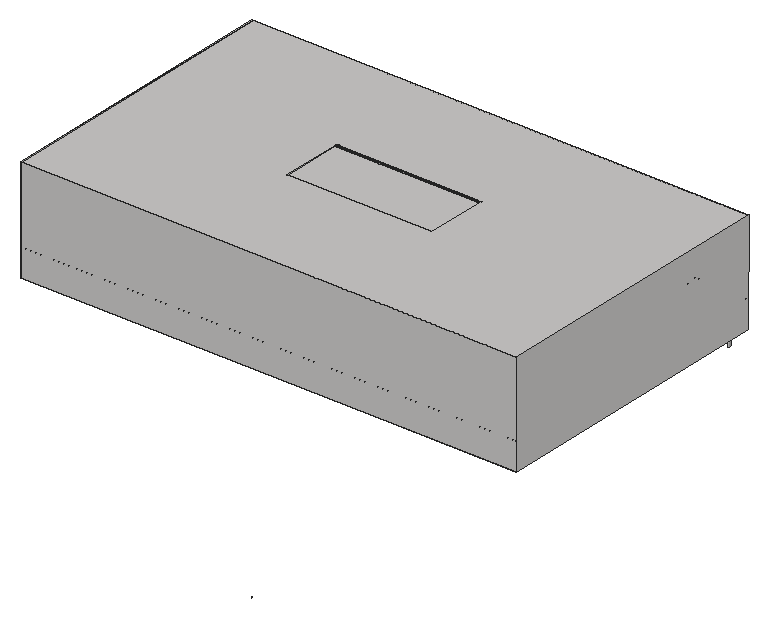
Revit family "QF_ELECTROLUXPROFESSIONAL_640273_VAP1224", category Specialty Equipment, Revit 2014
Reference planes
  plane 1: z = 0
  plane 2 "Center (Left/Right)": x = 150
  plane 3 "LEFT": x = -1050
  plane 4 "RIGHT": x = 1350
  plane 5 "BACK": y = 550
  plane 6 "TOP": z = 2500
  plane 7 "Base": z = 2000
  plane 8: z = 1970
  plane 9 "DrainY": y = 450
  plane 10: x = -1047
  plane 11 "DrainX": x = 1337
  plane 12 "AOLeft2": x = 500
  plane 13: x = 1347
  plane 14: x = -850
  plane 15: x = 1150
  plane 16: x = 50
  plane 17: x = 250
  plane 18 "AOLeft1": x = -200
  plane 19: through (0, 550, 2133.855) normal (0, 0.5299, 0.848)
  plane 20: y = 0
  plane 21: y = -300
  plane 22: y = -150
  plane 23: y = -850
  plane 24: through (0, -850, 2133.855) normal (0, 0.5299, -0.848)
Forms (mm)
  Extrusion 1, solid, material "QF_Finishes_Stainless Steel"
    sketch origin (-1050, 0, 360) x (0, 1, 0) y (0, 0, 1)
      loop
        line (550, 1640) -> (550, 2140) -> (-850, 2140) -> (-850, 1640) -> (550, 1640)
    from 0 to 3
  Extrusion 2, solid, material "QF_Finishes_Stainless Steel"
    sketch origin (1350, 0, 360) x (0, 1, 0) y (0, 0, 1)
      loop
        line (550, 1640) -> (550, 2140) -> (-850, 2140) -> (-850, 1640) -> (550, 1640)
    from 0 to -3
  Extrusion 3, solid, material "QF_Finishes_Stainless Steel"
    sketch origin (150, 0, 360) x (0, 1, 0) y (0, 0, 1)
      loop
        line (-850, 2140) -> (-850, 1640) -> (-840, 1640) -> (-840, 1640.8) -> (-849.2, 1640.8) -> (-849.2, 2139.19) -> (549.2, 2139.19) -> (549.2, 1640.8) -> (540, 1640.8) -> (540, 1640) -> (550, 1640) -> (550, 2140) -> (-850, 2140)
    from -1200 to 1200
  Extrusion 4, solid, material "QF_Finishes_Stainless Steel"
    sketch origin (0, 0, 2000) x (0, 1, 0) y (-1, 0, 0)
      loop
        circle (450, -1337) r 4.763
    from -30 to 0
  Extrusion 5, void
    sketch origin (0, 400, 2500) x (0, 1, 0) y (-1, 0, 0)
      loop
        line (-400, -500) -> (-400, 200) -> (-700, 200) -> (-700, -500) -> (-400, -500)
    from 0 to -10
  Extrusion 6, solid, material "QF_Finishes_Stainless Steel"
    sketch origin (0, 0, 0) x (1, 0, 0) y (0, 1, 0)
      loop
        line (-1050, 550) -> (-1050, 549) -> (-1049, 549) -> (-1049, 550) -> (-1050, 550)
    from 0 to 1
  Extrusion 7, solid, material "QF_Finishes_Stainless Steel"
    sketch origin (150, 0, 360) x (0, 1, 0) y (0, 0, 1)
      loop
        line (503.5, 1837.574) -> (207.375, 2022.621) -> (192.198, 1998.364) -> (488.366, 1813.348) -> (503.5, 1837.574)
      loop
        line (-803.5, 1837.574) -> (-788.366, 1813.348) -> (-492.198, 1998.364) -> (-507.375, 2022.621) -> (-803.5, 1837.574)
    from -1000 to -1197
  Extrusion 8, solid, material "QF_Finishes_Stainless Steel"
    sketch origin (150, 0, 360) x (0, 1, 0) y (0, 0, 1)
      loop
        line (549.2, 1775.312) -> (472.742, 1823.075) -> (472.313, 1822.387) -> (549.2, 1774.355) -> (549.2, 1775.312)
      loop
        line (202.48, 1991.938) -> (126.212, 2039.602) -> (-426.212, 2039.602) -> (-502.48, 1991.938) -> (-502.063, 1991.27) -> (-426, 2038.801) -> (126, 2038.801) -> (202.063, 1991.27) -> (202.48, 1991.938)
      loop
        line (-849.2, 1775.312) -> (-849.2, 1774.355) -> (-772.313, 1822.387) -> (-772.742, 1823.075) -> (-849.2, 1775.312)
    from -1197 to 1197
  Extrusion 9, solid, material "QF_Finishes_Stainless Steel"
    sketch origin (150, 0, 360) x (0, 1, 0) y (0, 0, 1)
      loop
        line (-507.375, 2022.621) -> (-803.5, 1837.574) -> (-788.366, 1813.348) -> (-492.198, 1998.364) -> (-507.375, 2022.621)
      loop
        line (503.5, 1837.574) -> (207.375, 2022.621) -> (192.198, 1998.364) -> (488.366, 1813.348) -> (503.5, 1837.574)
    from 1197 to 1000
  Extrusion 10, solid, material "QF_Finishes_Stainless Steel"
    sketch origin (150, 0, 360) x (0, 1, 0) y (0, 0, 1)
      loop
        line (-507.375, 2022.621) -> (-803.5, 1837.574) -> (-788.366, 1813.348) -> (-492.198, 1998.364) -> (-507.375, 2022.621)
      loop
        line (503.5, 1837.574) -> (207.375, 2022.621) -> (192.198, 1998.364) -> (488.366, 1813.348) -> (503.5, 1837.574)
    from -100 to 100
  Extrusion 11, solid, material "QF_Finished_Chrome"
    sketch origin (150, 0, 360) x (0, 1, 0) y (0, 0, 1)
      loop
        line (503.5, 1837.574) -> (207.375, 2022.621) -> (192.198, 1998.364) -> (488.366, 1813.348) -> (503.5, 1837.574)
      loop
        line (-507.375, 2022.621) -> (-803.5, 1837.574) -> (-788.366, 1813.348) -> (-492.198, 1998.364) -> (-507.375, 2022.621)
    from -1000 to -100
  Extrusion 12, solid, material "QF_Finished_Chrome"
    sketch origin (150, 0, 360) x (0, 1, 0) y (0, 0, 1)
      loop
        line (-507.375, 2022.621) -> (-803.5, 1837.574) -> (-788.366, 1813.348) -> (-492.198, 1998.364) -> (-507.375, 2022.621)
      loop
        line (503.5, 1837.574) -> (207.375, 2022.621) -> (192.198, 1998.364) -> (488.366, 1813.348) -> (503.5, 1837.574)
    from 100 to 1000
  Sweep 13, solid, material "QF_Finishes_Stainless Steel"
    path origin (0, 0, 0) x (1, 0, 0) y (0, 1, 0)
      loop
        line (1350, 550) -> (-1050, 550) -> (-1050, -850) -> (1350, -850) -> (1350, 550)
    profile origin (1350, -150, 0) x (1, 0, 0) y (0, 0, 1)
      loop
        line (-3, 2000) -> (-3, 2000.8) -> (-19, 2000.8) -> (-19, 2010) -> (-20, 2010) -> (-20, 2000) -> (-3, 2000)
Cuts and joins
  Extrusion 5 cuts Extrusion 3
  joined: Extrusion 2, Extrusion 3, Sweep 13
Lines and regions (mm)
  symbolic lines, style "SpecialityEquipment", detail levels coarse
    curve 1: line (1350, 550, 2500) -> (-1050, 550, 2500)
    curve 2: line (-1050, 550, 2500) -> (-1050, -850, 2500)
    curve 3: line (1350, -850, 2500) -> (1350, 550, 2500)
    curve 4: line (-1050, 550, 0) -> (1350, -850, 0)
    curve 5: line (1350, 550, 0) -> (-1050, -850, 0)
  symbolic lines, detail levels coarse
    curve 6: line (-1050, -850, 0) -> (1350, -850, 0)
    curve 7: line (500, 0, 0) -> (-200, 0, 0)
    curve 8: line (500, -300, 0) -> (500, 0, 0)
    curve 9: line (-200, -300, 0) -> (500, -300, 0)
    curve 10: line (-200, 0, 0) -> (-200, -300, 0)
Dimensions and locks
  plane 3 "LEFT" to plane 4 "RIGHT" = 2400 mm
  equal spacing: plane 3 "LEFT", plane 2 "Center (Left/Right)", plane 4 "RIGHT"
  plane 7 "Base" to plane 8 = 30 mm
  plane 5 "BACK" to plane 9 "DrainY" = 100 mm  (x2)
  plane 3 "LEFT" to plane 10 = 3 mm
  plane 11 "DrainX" to plane 4 "RIGHT" = 13 mm
  plane 13 to plane 4 "RIGHT" = 3 mm
  plane 3 "LEFT" to plane 14 = 200 mm
  plane 15 to plane 4 "RIGHT" = 200 mm
  locked: plane 7 "Base" to level at 2000
  locked: plane 6 "TOP" to plane 7 "Base" at 500
  locked: plane 16 to plane 17 at 200
  equal spacing: plane 16, plane 2 "Center (Left/Right)", plane 17
  plane 5 "BACK" to plane 23 = 1400 mm  (x2)
  equal spacing: plane 5 "BACK", plane 22, plane 23
  locked: plane 20 to plane 21 at 300
  equal spacing: plane 20, plane 22, plane 21
  locked: plane 18 "AOLeft1" to plane 12 "AOLeft2" at 700
  equal spacing: plane 18 "AOLeft1", plane 2 "Center (Left/Right)", plane 12 "AOLeft2"
  aligned and locked: level to plane 1
  aligned and locked: plane 4 "RIGHT" to Extrusion 3
  aligned and locked: Extrusion 3 to plane 3 "LEFT"
  aligned and locked: Extrusion 7 to plane 10
  aligned and locked: Extrusion 7 to plane 14
  aligned and locked: Extrusion 2 to plane 13
  aligned and locked: plane 13 to Extrusion 9
  aligned and locked: plane 15 to Extrusion 9
  aligned and locked: plane 17 to Extrusion 10
  aligned and locked: Extrusion 10 to plane 16
  aligned and locked: plane 16 to Extrusion 11
  aligned and locked: Extrusion 11 to plane 14
  aligned and locked: Extrusion 12 to plane 17
  aligned and locked: Extrusion 12 to plane 15
  aligned and locked: Extrusion 8 to plane 10
  aligned and locked: plane 13 to Extrusion 8
  aligned and locked: Extrusion 5 to plane 18 "AOLeft1"
  aligned and locked: Extrusion 5 to plane 12 "AOLeft2"
  aligned and locked: plane 20 to curve 7
  aligned and locked: curve 9 to plane 21
  aligned and locked: plane 20 to Extrusion 5 sketch curve
  aligned and locked: Extrusion 5 sketch curve to plane 21
Automatic sketch dimensions
  Extrusion 1 sketch curve to plane 7 "Base" = 0 mm
  Extrusion 1 sketch curve to plane 5 "BACK" = 0 mm
  Extrusion 1 sketch curve to plane 6 "TOP" = 0 mm
  Extrusion 2 sketch curve to plane 7 "Base" = 0 mm
  Extrusion 2 sketch curve to plane 5 "BACK" = 0 mm
  Extrusion 2 sketch curve to plane 6 "TOP" = 0 mm
  Extrusion 3 sketch curve to plane 6 "TOP" = 0 mm
  Extrusion 3 sketch curve to plane 7 "Base" = 0 mm  (x2)
  Extrusion 3 sketch curve to plane 5 "BACK" = 0 mm
  Extrusion 3 sketch curve to Extrusion 3 sketch curve = 9.2 mm
  plane 7 "Base" to Extrusion 3 sketch curve = 0.8 mm  (x2)
  Extrusion 3 sketch curve to plane 5 "BACK" = 10 mm
  Extrusion 3 sketch curve to plane 5 "BACK" = 0.8 mm
  Extrusion 3 sketch curve to plane 6 "TOP" = 0.81 mm
  Extrusion 4 sketch curve to plane 9 "DrainY" = 0 mm
  Extrusion 4 sketch curve to plane 11 "DrainX" = 0 mm
  Extrusion 5 sketch curve to plane 12 "AOLeft2" = 0 mm
  Extrusion 5 sketch curve to plane 18 "AOLeft1" = 0 mm
  Extrusion 6 sketch curve to plane 3 "LEFT" = 0 mm
  Extrusion 6 sketch curve to plane 5 "BACK" = 0 mm
  plane 3 "LEFT" to Extrusion 6 sketch curve = 1 mm
  Extrusion 6 sketch curve to Extrusion 6 sketch curve = 1 mm
  Sweep 13 sketch curve to plane 3 "LEFT" = 0 mm
  Sweep 13 sketch curve to plane 4 "RIGHT" = 0 mm
  Sweep 13 sketch curve to plane 5 "BACK" = 0 mm
  profile plane to Sweep 13 sketch curve = 20 mm
  Sweep 13 sketch curve to Sweep 13 sketch curve = 1 mm
  profile plane to Sweep 13 sketch curve = 3 mm
  level to Sweep 13 sketch curve = 2000 mm
  Sweep 13 sketch curve to Sweep 13 sketch curve = 0.8 mm
  Sweep 13 sketch curve to Sweep 13 sketch curve = 9.2 mm
  Extrusion 11 sketch curve to plane 5 "BACK" = 46.5 mm
  plane 7 "Base" to Extrusion 11 sketch curve = 197.574 mm
  Extrusion 11 sketch curve to Extrusion 11 sketch curve = 15.134 mm  (x2)
  Extrusion 11 sketch curve to plane 6 "TOP" = 117.379 mm
  Extrusion 11 sketch curve to Extrusion 11 sketch curve = 24.226 mm  (x2)
  Extrusion 11 sketch curve to Extrusion 11 sketch curve = 15.177 mm  (x2)
  Extrusion 11 sketch curve to Extrusion 11 sketch curve = 24.257 mm  (x2)
  Extrusion 11 sketch curve to plane 6 "TOP" = 141.636 mm
  Extrusion 10 sketch curve to plane 6 "TOP" = 117.379 mm  (x2)
  Extrusion 10 sketch curve to Extrusion 10 sketch curve = 24.257 mm  (x2)
  Extrusion 10 sketch curve to Extrusion 10 sketch curve = 24.226 mm  (x2)
  Extrusion 10 sketch curve to Extrusion 10 sketch curve = 15.177 mm  (x2)
  plane 9 "DrainY" to Extrusion 10 sketch curve = 38.366 mm
  Extrusion 10 sketch curve to Extrusion 10 sketch curve = 15.134 mm  (x2)
  plane 7 "Base" to Extrusion 10 sketch curve = 173.348 mm  (x2)
  Extrusion 12 sketch curve to plane 6 "TOP" = 117.379 mm
  Extrusion 12 sketch curve to Extrusion 12 sketch curve = 15.177 mm  (x2)
  Extrusion 12 sketch curve to Extrusion 12 sketch curve = 24.257 mm  (x2)
  Extrusion 12 sketch curve to plane 6 "TOP" = 141.636 mm
  plane 7 "Base" to Extrusion 12 sketch curve = 197.574 mm  (x2)
  Extrusion 12 sketch curve to plane 9 "DrainY" = 257.802 mm
  plane 9 "DrainY" to Extrusion 12 sketch curve = 38.366 mm
  Extrusion 12 sketch curve to Extrusion 12 sketch curve = 15.134 mm  (x2)
  Extrusion 9 sketch curve to plane 6 "TOP" = 117.379 mm  (x2)
  Extrusion 9 sketch curve to Extrusion 9 sketch curve = 24.257 mm  (x2)
  Extrusion 9 sketch curve to Extrusion 9 sketch curve = 24.226 mm  (x2)
  Extrusion 9 sketch curve to plane 5 "BACK" = 46.5 mm
  plane 7 "Base" to Extrusion 9 sketch curve = 197.574 mm
  Extrusion 9 sketch curve to Extrusion 9 sketch curve = 15.134 mm  (x2)
  Extrusion 9 sketch curve to Extrusion 9 sketch curve = 15.177 mm  (x2)
  Extrusion 1 sketch curve to plane 21 = 550 mm
  Extrusion 2 sketch curve to plane 21 = 550 mm
  Extrusion 3 sketch curve to plane 21 = 540 mm
  Extrusion 3 sketch curve to Extrusion 3 sketch curve = 0.8 mm
  Extrusion 9 sketch curve to plane 21 = 192.198 mm
  plane 7 "Base" to Extrusion 9 sketch curve = 173.348 mm
  Extrusion 10 sketch curve to plane 21 = 192.198 mm
  Extrusion 11 sketch curve to plane 21 = 192.198 mm
  plane 7 "Base" to Extrusion 11 sketch curve = 173.348 mm
  Extrusion 12 sketch curve to plane 21 = 192.198 mm
  plane 7 "Base" to Extrusion 12 sketch curve = 173.348 mm
  Sweep 13 sketch curve to plane 21 = 550 mm
  curve 5 to plane 3 "LEFT" = 0 mm
  curve 4 to plane 3 "LEFT" = 0 mm
  curve 10 to plane 18 "AOLeft1" = 0 mm
  curve 8 to plane 12 "AOLeft2" = 0 mm
  curve 5 to plane 4 "RIGHT" = 0 mm
  curve 6 to plane 4 "RIGHT" = 0 mm
  curve 4 to plane 5 "BACK" = 0 mm
  curve 5 to plane 5 "BACK" = 0 mm
  curve 6 to plane 23 = 0 mm
  plane 23 to Extrusion 8 sketch curve = 0.8 mm
  plane 23 to Extrusion 8 sketch curve = 77.258 mm
  Extrusion 8 sketch curve to Extrusion 8 sketch curve = 0.43 mm  (x2)
  Extrusion 8 sketch curve to plane 6 "TOP" = 100.398 mm
  Extrusion 8 sketch curve to plane 21 = 126.212 mm
  Extrusion 8 sketch curve to Extrusion 8 sketch curve = 0.418 mm  (x2)
  plane 20 to Extrusion 8 sketch curve = 126 mm
  Extrusion 8 sketch curve to Extrusion 8 sketch curve = 0.212 mm  (x2)
  Extrusion 8 sketch curve to Extrusion 8 sketch curve = 76.063 mm
  Extrusion 8 sketch curve to plane 6 "TOP" = 148.062 mm
  plane 9 "DrainY" to Extrusion 8 sketch curve = 22.313 mm
  Extrusion 8 sketch curve to plane 5 "BACK" = 0.8 mm
  plane 7 "Base" to Extrusion 8 sketch curve = 183.075 mm  (x2)
  Extrusion 8 sketch curve to Extrusion 8 sketch curve = 0.688 mm  (x2)
  Extrusion 8 sketch curve to Extrusion 8 sketch curve = 0.669 mm
  Extrusion 8 sketch curve to Extrusion 8 sketch curve = 0.801 mm
  Extrusion 8 sketch curve to Extrusion 8 sketch curve = 47.531 mm
  plane 23 to Extrusion 7 sketch curve = 46.5 mm
  Extrusion 7 sketch curve to Extrusion 7 sketch curve = 15.134 mm  (x2)
  Extrusion 7 sketch curve to plane 21 = 207.375 mm
  Extrusion 7 sketch curve to Extrusion 7 sketch curve = 15.177 mm  (x2)
  plane 20 to Extrusion 7 sketch curve = 192.198 mm
  plane 9 "DrainY" to Extrusion 7 sketch curve = 38.366 mm
  plane 7 "Base" to Extrusion 7 sketch curve = 173.348 mm  (x2)
  Extrusion 7 sketch curve to Extrusion 7 sketch curve = 24.226 mm  (x2)
  Extrusion 7 sketch curve to Extrusion 7 sketch curve = 24.257 mm  (x2)
  curve 2 to plane 3 "LEFT" = 0 mm
  curve 2 to plane 23 = 0 mm
  curve 3 to plane 4 "RIGHT" = 0 mm
  curve 3 to plane 23 = 0 mm
  curve 2 to plane 5 "BACK" = 0 mm
  radius of Extrusion 4 sketch curve = 4.763 mm
Connectors
  piping at (1337, 450, 1970), diameter 9.5
    settings: on Extrusion 4, index 1, connector inside diameter 609.6 mm, connector length 0 mm, flow factor 0, pipe flow 0.0 L/s, pressure drop 0.0 Pa, fitting loss kfactor 0, connector angle 0.00°, fixture units 0, engagement length 0 mm, angle of deflection 0.00°, flow configuration 1, flow direction 2, fitting loss method 0, system type 16, joint type 0, gender type 0, connector reference index -1, connector utility 0, adjustable connector no, is connector primary yes, connector description "Drain"
  hvac at (150, -150, 2500)
    settings: on Extrusion 5, index 2, duct flow 0.0 L/s, flow factor 0, pres drop 0.0 Pa, loss coef 0, conn angle 0.00°, conn width 300 mm, conn height 700 mm, conn diameter 609.6 mm, duct sys type 3, conn prof type 1, flow config 1, flow direction 2, loss method 0, conn ref index -1, conn util no, is conn primary yes, conn desc "EXHAUST OUTLET"
